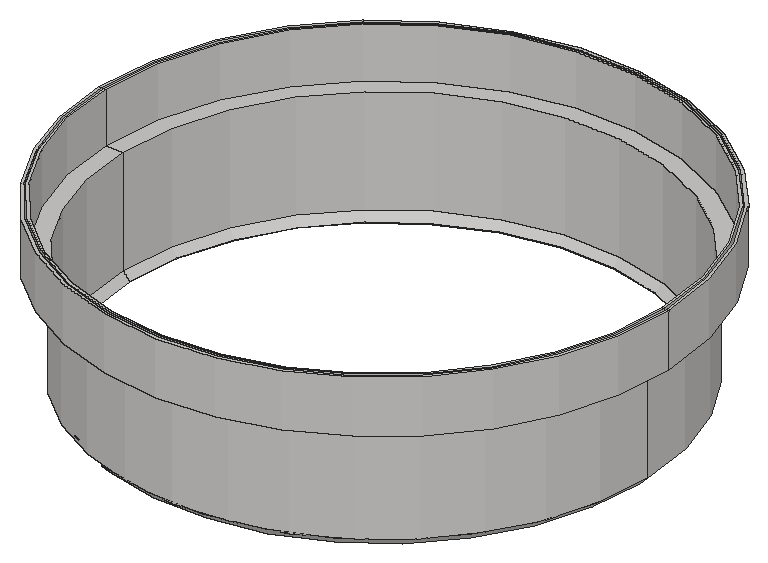
Revit family "ADJUSTABLE LID PC HB280", category Plumbing Fixtures, Revit 2015
Parameters (values of type "ADJUSTABLE LID PC HB280")
  URL = "http://www.metspin.co.za/"
  Tolani Civil Projects cc URL = "www.tcpbim.co.za"
  Stainless Steel = Stainless Steel
  Model = "HB280"
  Manufacturer = "Metal Spinning (Pty) Ltd"
  Description = "ADJUSTABLE LID"
  Created by = "Tolani Civil Projects cc"
Reference planes
  plane 1 "Center (Front/Back)": y = 0
  plane 2: z = 0
  plane 3 "Center (Left/Right)": x = 0
  plane 4: z = 55.17
  plane 5: x = -140.5
  plane 6: z = 28.97
  plane 7: x = -130
  plane 8: z = -26.281
  plane 9: z = -21.949
Forms (mm)
  Revolve 1, solid, material "Stainless Steel" <- "Stainless Steel"
    sketch origin (0, 0, 0) x (1, 0, 0) y (0, 0, 1)
      loop
        line (-126.165, -26.281) -> (-125.317, -25.432) -> (-128.8, -21.949) -> (-128.8, 30.17) -> (-137.3, 30.17) -> (-137.3, 55.17) -> (-138.3, 55.17) -> (-138.3, 30.17) -> (-139.3, 30.17) -> (-139.3, 55.17) -> (-140.5, 55.17) -> (-140.5, 28.97) -> (-130, 28.97) -> (-130, -22.446) -> (-126.165, -26.281)
      axis (0, 55.17) -> (0, -26.281)
    angle from 0 to 360
Dimensions and locks
  plane 5 to Revolve 1 sketch curve to Revolve 1 sketch curve to Revolve 1 sketch curve to Revolve 1 sketch curve to Revolve 1 sketch curve to Revolve 1 sketch curve to Revolve 1 sketch curve = 1.2 mm locked, 1 mm locked, 1 mm locked, 7.3 mm locked, 1.2 mm locked, 3.483 mm locked, 125.317 mm locked
  plane 4 to Revolve 1 sketch curve to Revolve 1 sketch curve to plane 6 to plane 9 to plane 8 = 25 mm locked, 0 mm locked, 1.2 mm locked, 50.919 mm locked, 4.332 mm locked
  aligned and locked: level to plane 2
  aligned and locked: Revolve 1 sketch curve to plane 3 "Center (Left/Right)"
  aligned and locked: plane 8 to Revolve 1 sketch curve
  aligned and locked: plane 7 to Revolve 1 sketch curve
  aligned and locked: plane 9 to Revolve 1 sketch curve
  aligned and locked: plane 6 to Revolve 1 sketch curve
  aligned and locked: Revolve 1 sketch curve to plane 5
  aligned and locked: plane 4 to Revolve 1 sketch curve  (x2)
